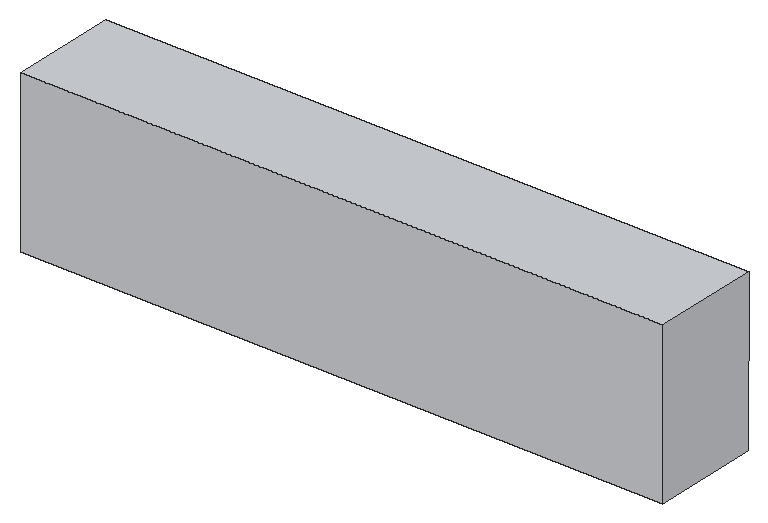
Revit family "RectangleStyroPanel", category Structural Framing, Revit 2024
Family settings
  Section Shape = Rectangle
  Material for Model Behavior = Other
  Always export as geometry = No
  OmniClass Number = 23.25.30.11.14.14
  OmniClass Title = Beams
  Always vertical = Yes
  Cut with Voids When Loaded = No
  Symbolic Representation = From Family
  Shared = No
  Show family pre-cut in plan views = Yes
Parameters (values of type "DefaultRectangleStyro")
  d [instance] = 1' - 6"
  bf [instance] = 1' - 0"
  Structural Material [instance] = none
  Length [instance] = 10' - 0"
  Description = "IP"
Reference planes (in)
  plane 1 "Center (Front/Back)": y = 0
  plane 2 "Center El.": z = 0
  plane 3 "Center (Left/Right)": x = 0
  plane 4 "Left": x = -60
  plane 5 "Member Left": x = -48
  plane 6 "Stick Symbol Left": x = -36
  plane 7 "Right": x = 60
  plane 8 "Member Right": x = 48
  plane 9 "Stick Symbol Right": x = 36
  plane 10: y = 6
  plane 11: y = -6
  plane 12: z = 9
  plane 13: z = -9
Forms (in)
  Extrusion 1, solid, material <- "Structural Material"
    sketch origin (0, 0, 0) x (0, 1, 0) y (0, 0, 1)
      loop
        line (6, 9) -> (-6, 9) -> (-6, -9) -> (6, -9) -> (6, 9)
    from -36 to 36
Lines and regions (in)
  model lines, style "Stick Symbols", detail levels coarse
    curve 1: line (-36, 0, 0) -> (36, 0, 0)
Dimensions and locks (in)
  equal spacing: plane 4 "Left", plane 3 "Center (Left/Right)", plane 7 "Right"
  "Length": plane 4 "Left" to plane 7 "Right"
  "bf": plane 10 to plane 11
  equal spacing: plane 10, plane 1 "Center (Front/Back)", plane 11
  equal spacing: plane 12, level, plane 13
  "d": plane 12 to plane 13
  aligned and locked: plane 1 "Center (Front/Back)" to curve 1
  aligned and locked: plane 6 "Stick Symbol Left" to curve 1
  aligned and locked: plane 9 "Stick Symbol Right" to curve 1
  aligned and locked: level to plane 2 "Center El."
  aligned and locked: plane 12 to Extrusion 1 sketch curve
  aligned and locked: Extrusion 1 sketch curve to plane 10
  aligned and locked: plane 13 to Extrusion 1 sketch curve
  aligned and locked: Extrusion 1 sketch curve to plane 11
  aligned and locked: plane 6 "Stick Symbol Left" to Extrusion 1
  aligned and locked: Extrusion 1 to plane 9 "Stick Symbol Right"
